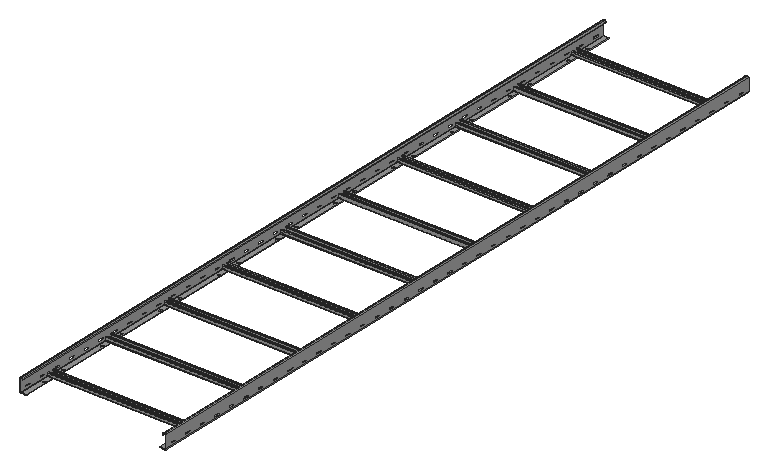
Revit family "LG 60 VS3", category Generic Models, Revit 2017 (continued)
Dimensions and locks
  locked: Extrusion 58 sketch curve to Extrusion 58 sketch curve at 9
  locked: Extrusion 59 sketch curve to Extrusion 59 sketch curve at 28
  locked: Extrusion 59 sketch curve to Extrusion 59 sketch curve at 9
  locked: Extrusion 60 sketch curve to Extrusion 60 sketch curve at 28
  locked: Extrusion 60 sketch curve to Extrusion 60 sketch curve at 9
  locked: Extrusion 61 sketch curve to Extrusion 61 sketch curve at 28
  locked: Extrusion 61 sketch curve to Extrusion 61 sketch curve at 9
  locked: Extrusion 62 sketch curve to Extrusion 62 sketch curve at 28
  locked: Extrusion 62 sketch curve to Extrusion 62 sketch curve at 9
  locked: Extrusion 63 sketch curve to Extrusion 63 sketch curve at 28
  locked: Extrusion 63 sketch curve to Extrusion 63 sketch curve at 9
  locked: Extrusion 64 sketch curve to Extrusion 64 sketch curve at 28
  locked: Extrusion 64 sketch curve to Extrusion 64 sketch curve at 9
  locked: Extrusion 65 sketch curve to Extrusion 65 sketch curve at 28
  locked: Extrusion 65 sketch curve to Extrusion 65 sketch curve at 9
  locked: Extrusion 66 sketch curve to Extrusion 66 sketch curve at 28
  locked: Extrusion 66 sketch curve to Extrusion 66 sketch curve at 9
  locked: Extrusion 67 sketch curve to Extrusion 67 sketch curve at 28
  locked: Extrusion 67 sketch curve to Extrusion 67 sketch curve at 9
  locked: Extrusion 68 sketch curve to Extrusion 68 sketch curve at 28
  locked: Extrusion 68 sketch curve to Extrusion 68 sketch curve at 9
  locked: Extrusion 69 sketch curve to Extrusion 69 sketch curve at 28
  locked: Extrusion 69 sketch curve to Extrusion 69 sketch curve at 9
  locked: Extrusion 70 sketch curve to Extrusion 70 sketch curve at 28
  locked: Extrusion 70 sketch curve to Extrusion 70 sketch curve at 9
  locked: Extrusion 71 sketch curve to Extrusion 71 sketch curve at 28
  locked: Extrusion 71 sketch curve to Extrusion 71 sketch curve at 9
  locked: Extrusion 72 sketch curve to Extrusion 72 sketch curve at 28
  locked: Extrusion 72 sketch curve to Extrusion 72 sketch curve at 9
  locked: Extrusion 73 sketch curve to Extrusion 73 sketch curve at 28
  locked: Extrusion 73 sketch curve to Extrusion 73 sketch curve at 9
  locked: Extrusion 74 sketch curve to Extrusion 74 sketch curve at 28
  locked: Extrusion 74 sketch curve to Extrusion 74 sketch curve at 9
  locked: Extrusion 75 sketch curve to Extrusion 75 sketch curve at 28
  locked: Extrusion 75 sketch curve to Extrusion 75 sketch curve at 9
  locked: Extrusion 76 sketch curve to Extrusion 76 sketch curve at 28
  locked: Extrusion 76 sketch curve to Extrusion 76 sketch curve at 9
  locked: Extrusion 77 sketch curve to Extrusion 77 sketch curve at 28
  locked: Extrusion 77 sketch curve to Extrusion 77 sketch curve at 9
  locked: Extrusion 78 sketch curve to Extrusion 78 sketch curve at 28
  locked: Extrusion 78 sketch curve to Extrusion 78 sketch curve at 9
  locked: Extrusion 79 sketch curve to Extrusion 79 sketch curve at 28
  locked: Extrusion 79 sketch curve to Extrusion 79 sketch curve at 9
  locked: Extrusion 80 sketch curve to Extrusion 80 sketch curve at 28
  locked: Extrusion 80 sketch curve to Extrusion 80 sketch curve at 9
  locked: Extrusion 81 sketch curve to Extrusion 81 sketch curve at 28
  locked: Extrusion 81 sketch curve to Extrusion 81 sketch curve at 9
  locked: cut or joined group 1 (Extrusion 1, Extrusion 2, Extrusion 3, Extrusion 4, Extrusion 5, Extrusion 6, Extrusion 7, Extrusion 8, Extrusion 9, Extrusion 10, Extrusion 11, Extrusion 12, Extrusion 13, Extrusion 14, Extrusion 15, Extrusion 16, Extrusion 17, Extrusion 18, Extrusion 19, Extrusion 20, Extrusion 21, Extrusion 22, Extrusion 23, Extrusion 24, Extrusion 25, Extrusion 26, Extrusion 27, Extrusion 28, Extrusion 29, Extrusion 30, Extrusion 31, Extrusion 32, Extrusion 33, Extrusion 34, Extrusion 35, Extrusion 36, Extrusion 37, Extrusion 38, Extrusion 39, Extrusion 40, Extrusion 41, Extrusion 42, Extrusion 43, Extrusion 44, Extrusion 45, Extrusion 46, Extrusion 47, Extrusion 48, Extrusion 49, Extrusion 50, Extrusion 51, Extrusion 52, Extrusion 53, Extrusion 54, Extrusion 55, Extrusion 56, Extrusion 57, Extrusion 58, Extrusion 59, Extrusion 60, Extrusion 61, Extrusion 62, Extrusion 63, Extrusion 64, Extrusion 65, Extrusion 66, Extrusion 67, Extrusion 68, Extrusion 69, Extrusion 70, Extrusion 71, Extrusion 72, Extrusion 73, Extrusion 74, Extrusion 75, Extrusion 76, Extrusion 77, Extrusion 78, Extrusion 79, Extrusion 80, Extrusion 81, Extrusion 83, Extrusion 84, Extrusion 85, Extrusion 86, Extrusion 87, Extrusion 88, Extrusion 89, Extrusion 90, Extrusion 91, Extrusion 92, Extrusion 93, Extrusion 94, Extrusion 95, Extrusion 96, Extrusion 97, Extrusion 98, Extrusion 99, Extrusion 100, Extrusion 101, Extrusion 102) to cut or joined group 1 at 1.5
  locked: plane 13 to plane 12 at 25.044
  locked: Extrusion 82 sketch curve to Extrusion 82 sketch curve at 30
  locked: plane 11 to Extrusion 82 sketch curve at 15
  locked: Extrusion 82 to Extrusion 82 at 1.5  (x8)
  locked: Extrusion 82 to Extrusion 82 at 17
  locked: cut or joined group 1 to Extrusion 82 at 14.96
  locked: Extrusion 82 to plane 24 at 8.5
  locked: plane 24 to plane 14 at 50
  locked: plane 23 to plane 24 at 50
  locked: cut or joined group 1 to plane 15 at 18
  equal spacing: group 81, group 82, group 83, group 84, group 85, group 86, group 87, group 88, group 89, group 90  (x3)
  locked: plane 27 to cut or joined group 1 at 18
  equal spacing: group 91, group 92, group 93, group 94, group 95, group 96, group 97, group 98, group 99, group 100  (x3)
  locked: Extrusion 103 sketch curve to Extrusion 103 sketch curve at 7
  locked: plane 31 to Extrusion 103 sketch curve at 3.5
  locked: Extrusion 103 sketch curve to plane 32 at 6.5
  locked: plane 32 to plane 33 at 50
  Extrusion 103 sketch curve to plane 33 = 6.5 mm
  locked: plane 33 to plane 36 at 50
  locked: plane 36 to plane 37 at 50
  Extrusion 103 sketch curve to plane 37 = 6.5 mm
  locked: plane 37 to plane 38 at 50
  Extrusion 103 sketch curve to plane 38 = 6.5 mm
  plane 39 to Extrusion 103 sketch curve = 6.5 mm
  locked: plane 40 to plane 39 at 50
  plane 40 to Extrusion 103 sketch curve = 6.5 mm
  locked: plane 41 to plane 40 at 50
  Extrusion 103 sketch curve to plane 41 = 6.5 mm
  locked: plane 42 to plane 41 at 50
  Extrusion 103 sketch curve to plane 42 = 6.5 mm
  locked: plane 45 to plane 42 at 50
  locked: Extrusion 104 sketch curve to Extrusion 104 sketch curve at 30
  locked: plane 46 to Extrusion 104 sketch curve at 15
  locked: Extrusion 105 sketch curve to Extrusion 105 sketch curve at 30
  locked: plane 48 to Extrusion 105 sketch curve at 15
  locked: Extrusion 105 to Extrusion 105 at 1.5  (x8)
  locked: Extrusion 105 to Extrusion 105 at 17
  locked: Extrusion 106 sketch curve to Extrusion 106 sketch curve at 7
  locked: plane 50 to Extrusion 106 sketch curve at 3.5
  locked: Extrusion 106 sketch curve to plane 51 at 6.5
  locked: plane 51 to plane 52 at 50
  Extrusion 106 sketch curve to plane 52 = 6.5 mm
  locked: plane 52 to plane 55 at 50
  locked: plane 55 to plane 56 at 50
  Extrusion 106 sketch curve to plane 56 = 6.5 mm
  locked: plane 56 to plane 57 at 50
  Extrusion 106 sketch curve to plane 57 = 6.5 mm
  plane 58 to Extrusion 106 sketch curve = 6.5 mm
  locked: plane 59 to plane 58 at 50
  plane 59 to Extrusion 106 sketch curve = 6.5 mm
  locked: plane 60 to plane 59 at 50
  Extrusion 106 sketch curve to plane 60 = 6.5 mm
  locked: plane 61 to plane 60 at 50
  Extrusion 106 sketch curve to plane 61 = 6.5 mm
  locked: plane 64 to plane 61 at 50
  equal spacing: group 103, group 105, group 107, group 109, group 111, group 113, group 115, group 117, group 119, group 121  (x3)
  locked: Extrusion 107 sketch curve to Extrusion 107 sketch curve at 30
  locked: plane 65 to Extrusion 107 sketch curve at 15
  locked: Extrusion 107 to Extrusion 107 at 1.5  (x8)
  locked: Extrusion 107 to Extrusion 107 at 17
  locked: Extrusion 108 sketch curve to Extrusion 108 sketch curve at 7
  locked: plane 67 to Extrusion 108 sketch curve at 3.5
  locked: Extrusion 108 sketch curve to plane 68 at 6.5
  locked: plane 68 to plane 69 at 50
  Extrusion 108 sketch curve to plane 69 = 6.5 mm
  locked: plane 69 to plane 72 at 50
  locked: plane 72 to plane 73 at 50
  Extrusion 108 sketch curve to plane 73 = 6.5 mm
  locked: plane 73 to plane 74 at 50
  Extrusion 108 sketch curve to plane 74 = 6.5 mm
  plane 75 to Extrusion 108 sketch curve = 6.5 mm
  locked: plane 76 to plane 75 at 50
  plane 76 to Extrusion 108 sketch curve = 6.5 mm
  locked: plane 77 to plane 76 at 50
  Extrusion 108 sketch curve to plane 77 = 6.5 mm
  locked: plane 78 to plane 77 at 50
  Extrusion 108 sketch curve to plane 78 = 6.5 mm
  locked: plane 81 to plane 78 at 50
  locked: Extrusion 109 sketch curve to Extrusion 109 sketch curve at 30
  locked: plane 82 to Extrusion 109 sketch curve at 15
  locked: Extrusion 109 to Extrusion 109 at 1.5  (x8)
  locked: Extrusion 109 to Extrusion 109 at 17
  locked: Extrusion 110 sketch curve to Extrusion 110 sketch curve at 7
  locked: plane 84 to Extrusion 110 sketch curve at 3.5
  locked: Extrusion 110 sketch curve to plane 85 at 6.5
  locked: plane 85 to plane 86 at 50
  Extrusion 110 sketch curve to plane 86 = 6.5 mm
  locked: plane 86 to plane 89 at 50
  locked: plane 89 to plane 90 at 50
  Extrusion 110 sketch curve to plane 90 = 6.5 mm
  locked: plane 90 to plane 91 at 50
  Extrusion 110 sketch curve to plane 91 = 6.5 mm
  plane 92 to Extrusion 110 sketch curve = 6.5 mm
  locked: plane 93 to plane 92 at 50
  plane 93 to Extrusion 110 sketch curve = 6.5 mm
  locked: plane 94 to plane 93 at 50
  Extrusion 110 sketch curve to plane 94 = 6.5 mm
  locked: plane 95 to plane 94 at 50
  Extrusion 110 sketch curve to plane 95 = 6.5 mm
  locked: plane 98 to plane 95 at 50
  locked: Extrusion 111 sketch curve to Extrusion 111 sketch curve at 30
  locked: plane 99 to Extrusion 111 sketch curve at 15
  locked: Extrusion 111 to Extrusion 111 at 1.5  (x8)
  locked: Extrusion 111 to Extrusion 111 at 17
  locked: Extrusion 112 sketch curve to Extrusion 112 sketch curve at 7
  locked: plane 101 to Extrusion 112 sketch curve at 3.5
  locked: Extrusion 112 sketch curve to plane 102 at 6.5
  locked: plane 102 to plane 103 at 50
  Extrusion 112 sketch curve to plane 103 = 6.5 mm
  locked: plane 103 to plane 106 at 50
  locked: plane 106 to plane 107 at 50
  Extrusion 112 sketch curve to plane 107 = 6.5 mm
  locked: plane 107 to plane 108 at 50
  Extrusion 112 sketch curve to plane 108 = 6.5 mm
  plane 109 to Extrusion 112 sketch curve = 6.5 mm
  locked: plane 110 to plane 109 at 50
  plane 110 to Extrusion 112 sketch curve = 6.5 mm
  locked: plane 111 to plane 110 at 50
  Extrusion 112 sketch curve to plane 111 = 6.5 mm
  locked: plane 112 to plane 111 at 50
  Extrusion 112 sketch curve to plane 112 = 6.5 mm
  locked: plane 115 to plane 112 at 50
  locked: Extrusion 113 sketch curve to Extrusion 113 sketch curve at 30
  locked: plane 116 to Extrusion 113 sketch curve at 15
  locked: Extrusion 113 to Extrusion 113 at 1.5  (x8)
  locked: Extrusion 113 to Extrusion 113 at 17
  locked: Extrusion 114 sketch curve to Extrusion 114 sketch curve at 7
  locked: plane 118 to Extrusion 114 sketch curve at 3.5
  locked: Extrusion 114 sketch curve to plane 119 at 6.5
  locked: plane 119 to plane 120 at 50
  Extrusion 114 sketch curve to plane 120 = 6.5 mm
  locked: plane 120 to plane 123 at 50
  locked: plane 123 to plane 124 at 50
  Extrusion 114 sketch curve to plane 124 = 6.5 mm
  locked: plane 124 to plane 125 at 50
  Extrusion 114 sketch curve to plane 125 = 6.5 mm
  plane 126 to Extrusion 114 sketch curve = 6.5 mm
  locked: plane 127 to plane 126 at 50
  plane 127 to Extrusion 114 sketch curve = 6.5 mm
  locked: plane 128 to plane 127 at 50
  Extrusion 114 sketch curve to plane 128 = 6.5 mm
  locked: plane 129 to plane 128 at 50
  Extrusion 114 sketch curve to plane 129 = 6.5 mm
  locked: plane 132 to plane 129 at 50
  locked: Extrusion 115 sketch curve to Extrusion 115 sketch curve at 30
  locked: plane 133 to Extrusion 115 sketch curve at 15
  locked: Extrusion 115 to Extrusion 115 at 1.5  (x8)
  locked: Extrusion 115 to Extrusion 115 at 17
  locked: Extrusion 116 sketch curve to Extrusion 116 sketch curve at 7
  locked: plane 135 to Extrusion 116 sketch curve at 3.5
  locked: Extrusion 116 sketch curve to plane 136 at 6.5
  locked: plane 136 to plane 137 at 50
  Extrusion 116 sketch curve to plane 137 = 6.5 mm
  locked: plane 137 to plane 140 at 50
  locked: plane 140 to plane 141 at 50
  Extrusion 116 sketch curve to plane 141 = 6.5 mm
  locked: plane 141 to plane 142 at 50
  Extrusion 116 sketch curve to plane 142 = 6.5 mm
  plane 143 to Extrusion 116 sketch curve = 6.5 mm
  locked: plane 144 to plane 143 at 50
  plane 144 to Extrusion 116 sketch curve = 6.5 mm
  locked: plane 145 to plane 144 at 50
  Extrusion 116 sketch curve to plane 145 = 6.5 mm
  locked: plane 146 to plane 145 at 50
  Extrusion 116 sketch curve to plane 146 = 6.5 mm
  locked: plane 149 to plane 146 at 50
  locked: Extrusion 117 sketch curve to Extrusion 117 sketch curve at 30
  locked: plane 150 to Extrusion 117 sketch curve at 15
  locked: Extrusion 117 to Extrusion 117 at 1.5  (x8)
  locked: Extrusion 117 to Extrusion 117 at 17
  locked: Extrusion 118 sketch curve to Extrusion 118 sketch curve at 7
  locked: plane 152 to Extrusion 118 sketch curve at 3.5
  locked: Extrusion 118 sketch curve to plane 153 at 6.5
  locked: plane 153 to plane 154 at 50
  Extrusion 118 sketch curve to plane 154 = 6.5 mm
  locked: plane 154 to plane 157 at 50
  locked: plane 157 to plane 158 at 50
  Extrusion 118 sketch curve to plane 158 = 6.5 mm
  locked: plane 158 to plane 159 at 50
  Extrusion 118 sketch curve to plane 159 = 6.5 mm
  plane 160 to Extrusion 118 sketch curve = 6.5 mm
  locked: plane 161 to plane 160 at 50
  plane 161 to Extrusion 118 sketch curve = 6.5 mm
  locked: plane 162 to plane 161 at 50
  Extrusion 118 sketch curve to plane 162 = 6.5 mm
  locked: plane 163 to plane 162 at 50
  Extrusion 118 sketch curve to plane 163 = 6.5 mm
  locked: plane 166 to plane 163 at 50
  locked: Extrusion 119 sketch curve to Extrusion 119 sketch curve at 30
  locked: plane 167 to Extrusion 119 sketch curve at 15
  locked: Extrusion 119 to Extrusion 119 at 1.5  (x8)
  locked: Extrusion 119 to Extrusion 119 at 17
  locked: Extrusion 120 sketch curve to Extrusion 120 sketch curve at 7
  locked: plane 169 to Extrusion 120 sketch curve at 3.5
  locked: Extrusion 120 sketch curve to plane 170 at 6.5
  locked: plane 170 to plane 171 at 50
  Extrusion 120 sketch curve to plane 171 = 6.5 mm
  locked: plane 171 to plane 174 at 50
  locked: plane 174 to plane 175 at 50
  Extrusion 120 sketch curve to plane 175 = 6.5 mm
  locked: plane 175 to plane 176 at 50
  Extrusion 120 sketch curve to plane 176 = 6.5 mm
  plane 177 to Extrusion 120 sketch curve = 6.5 mm
  locked: plane 178 to plane 177 at 50
  plane 178 to Extrusion 120 sketch curve = 6.5 mm
  locked: plane 179 to plane 178 at 50
  Extrusion 120 sketch curve to plane 179 = 6.5 mm
  locked: plane 180 to plane 179 at 50
  Extrusion 120 sketch curve to plane 180 = 6.5 mm
  locked: plane 183 to plane 180 at 50
  locked: Extrusion 121 sketch curve to Extrusion 121 sketch curve at 30
  locked: plane 184 to Extrusion 121 sketch curve at 15
  locked: Extrusion 121 to Extrusion 121 at 1.5  (x8)
  locked: Extrusion 121 to Extrusion 121 at 17
  locked: Extrusion 122 sketch curve to Extrusion 122 sketch curve at 7
  locked: plane 186 to Extrusion 122 sketch curve at 3.5
  locked: Extrusion 122 sketch curve to plane 187 at 6.5
  locked: plane 187 to plane 188 at 50
  Extrusion 122 sketch curve to plane 188 = 6.5 mm
  locked: plane 188 to plane 191 at 50
  locked: plane 191 to plane 192 at 50
  Extrusion 122 sketch curve to plane 192 = 6.5 mm
  locked: plane 192 to plane 193 at 50
  Extrusion 122 sketch curve to plane 193 = 6.5 mm
  plane 194 to Extrusion 122 sketch curve = 6.5 mm
  locked: plane 195 to plane 194 at 50
  plane 195 to Extrusion 122 sketch curve = 6.5 mm
  locked: plane 196 to plane 195 at 50
  Extrusion 122 sketch curve to plane 196 = 6.5 mm
  locked: plane 197 to plane 196 at 50
  Extrusion 122 sketch curve to plane 197 = 6.5 mm
  locked: plane 200 to plane 197 at 50
  aligned and locked: level to plane 2
  aligned and locked: Extrusion 1 sketch curve to level
  aligned and locked: level to Extrusion 1 sketch curve
  aligned and locked: Extrusion 1 sketch curve to plane 5
  aligned and locked: Extrusion 1 sketch curve to plane 6
  aligned and locked: plane 1 "Center (Front/Back)" to Extrusion 1
  aligned and locked: cut or joined group 1 to cut or joined group 1  (x67)
  aligned and locked: Extrusion 82 to cut or joined group 1
  aligned and locked: cut or joined group 1 to plane 12
  aligned and locked: Extrusion 82 to plane 12
  aligned and locked: plane 18 to Extrusion 82
  aligned and locked: plane 19 to Extrusion 82
  aligned and locked: plane 20 to Extrusion 82
  aligned and locked: plane 25 to cut or joined group 1
  aligned and locked: plane 26 to plane 15
  aligned and locked: Extrusion 83 to level
  aligned and locked: plane 28 to plane 14
  aligned and locked: plane 29 to plane 23
  aligned and locked: plane 30 to plane 24
  aligned and locked: Extrusion 1 to Extrusion 93
  aligned and locked: plane 31 to plane 24
  aligned and locked: Extrusion 103 sketch curve to Extrusion 103 sketch curve  (x19)
  aligned and locked: cut or joined group of Extrusion 82, Extrusion 103, Extrusion 106 to cut or joined group of Extrusion 82, Extrusion 103, Extrusion 106  (x6)
  aligned and locked: Extrusion 103 to level
  aligned and locked: Extrusion 106 sketch curve to Extrusion 106 sketch curve  (x19)
  aligned and locked: Extrusion 108 sketch curve to Extrusion 108 sketch curve  (x19)
  aligned and locked: Extrusion 110 sketch curve to Extrusion 110 sketch curve  (x19)
  aligned and locked: Extrusion 112 sketch curve to Extrusion 112 sketch curve  (x19)
  aligned and locked: Extrusion 114 sketch curve to Extrusion 114 sketch curve  (x19)
  aligned and locked: Extrusion 116 sketch curve to Extrusion 116 sketch curve  (x19)
  aligned and locked: Extrusion 118 sketch curve to Extrusion 118 sketch curve  (x19)
  aligned and locked: Extrusion 120 sketch curve to Extrusion 120 sketch curve  (x19)
  aligned and locked: Extrusion 122 sketch curve to Extrusion 122 sketch curve  (x19)
Automatic sketch dimensions
  Extrusion 1 sketch curve to Extrusion 1 sketch curve = 0 mm  (x9)
  Extrusion 1 sketch curve to Extrusion 1 sketch curve = 1.5 mm  (x2)
  Extrusion 1 sketch curve to Extrusion 1 sketch curve = 1 mm  (x2)
  plane 5 to Extrusion 1 sketch curve = 2.952 mm
  Extrusion 1 sketch curve to Extrusion 1 sketch curve = 4.5 mm
  plane 5 to Extrusion 1 sketch curve = 3.052 mm
  Extrusion 2 sketch curve to Extrusion 2 sketch curve = 1 mm  (x4)
  Extrusion 3 sketch curve to Extrusion 3 sketch curve = 1 mm  (x4)
  Extrusion 4 sketch curve to Extrusion 4 sketch curve = 1 mm  (x4)
  Extrusion 5 sketch curve to Extrusion 5 sketch curve = 1 mm  (x4)
  Extrusion 6 sketch curve to Extrusion 6 sketch curve = 1 mm  (x4)
  Extrusion 7 sketch curve to Extrusion 7 sketch curve = 1 mm  (x4)
  Extrusion 8 sketch curve to Extrusion 8 sketch curve = 1 mm  (x4)
  Extrusion 9 sketch curve to Extrusion 9 sketch curve = 1 mm  (x4)
  Extrusion 10 sketch curve to Extrusion 10 sketch curve = 1 mm  (x4)
  Extrusion 11 sketch curve to Extrusion 11 sketch curve = 1 mm  (x4)
  Extrusion 12 sketch curve to Extrusion 12 sketch curve = 1 mm  (x4)
  Extrusion 13 sketch curve to Extrusion 13 sketch curve = 1 mm  (x4)
  Extrusion 14 sketch curve to Extrusion 14 sketch curve = 1 mm  (x4)
  Extrusion 15 sketch curve to Extrusion 15 sketch curve = 1 mm  (x4)
  Extrusion 16 sketch curve to Extrusion 16 sketch curve = 1 mm  (x4)
  Extrusion 17 sketch curve to Extrusion 17 sketch curve = 1 mm  (x4)
  Extrusion 18 sketch curve to Extrusion 18 sketch curve = 1 mm  (x4)
  Extrusion 19 sketch curve to Extrusion 19 sketch curve = 1 mm  (x4)
  Extrusion 20 sketch curve to Extrusion 20 sketch curve = 1 mm  (x4)
  Extrusion 21 sketch curve to Extrusion 21 sketch curve = 1 mm  (x4)
  Extrusion 22 sketch curve to Extrusion 22 sketch curve = 1 mm  (x4)
  Extrusion 23 sketch curve to Extrusion 23 sketch curve = 1 mm  (x4)
  Extrusion 24 sketch curve to Extrusion 24 sketch curve = 1 mm  (x4)
  Extrusion 25 sketch curve to Extrusion 25 sketch curve = 1 mm  (x4)
  Extrusion 26 sketch curve to Extrusion 26 sketch curve = 1 mm  (x4)
  Extrusion 27 sketch curve to Extrusion 27 sketch curve = 1 mm  (x4)
  Extrusion 28 sketch curve to Extrusion 28 sketch curve = 1 mm  (x4)
  Extrusion 29 sketch curve to Extrusion 29 sketch curve = 1 mm  (x4)
  Extrusion 30 sketch curve to Extrusion 30 sketch curve = 1 mm  (x4)
  Extrusion 31 sketch curve to Extrusion 31 sketch curve = 1 mm  (x4)
  Extrusion 32 sketch curve to Extrusion 32 sketch curve = 1 mm  (x4)
  Extrusion 33 sketch curve to Extrusion 33 sketch curve = 1 mm  (x4)
  Extrusion 34 sketch curve to Extrusion 34 sketch curve = 1 mm  (x4)
  Extrusion 35 sketch curve to Extrusion 35 sketch curve = 1 mm  (x4)
  Extrusion 36 sketch curve to Extrusion 36 sketch curve = 1 mm  (x4)
  Extrusion 37 sketch curve to Extrusion 37 sketch curve = 1 mm  (x4)
  Extrusion 38 sketch curve to Extrusion 38 sketch curve = 1 mm  (x4)
  Extrusion 39 sketch curve to Extrusion 39 sketch curve = 1 mm  (x4)
  Extrusion 40 sketch curve to Extrusion 40 sketch curve = 1 mm  (x4)
  Extrusion 41 sketch curve to Extrusion 41 sketch curve = 1 mm  (x4)
  Extrusion 42 sketch curve to Extrusion 42 sketch curve = 1 mm  (x4)
  Extrusion 43 sketch curve to Extrusion 43 sketch curve = 1 mm  (x4)
  Extrusion 44 sketch curve to Extrusion 44 sketch curve = 1 mm  (x4)
  Extrusion 45 sketch curve to Extrusion 45 sketch curve = 1 mm  (x4)
  Extrusion 46 sketch curve to Extrusion 46 sketch curve = 1 mm  (x4)
  Extrusion 47 sketch curve to Extrusion 47 sketch curve = 1 mm  (x4)
  Extrusion 48 sketch curve to Extrusion 48 sketch curve = 1 mm  (x4)
  Extrusion 49 sketch curve to Extrusion 49 sketch curve = 1 mm  (x4)
  Extrusion 50 sketch curve to Extrusion 50 sketch curve = 1 mm  (x4)
  Extrusion 51 sketch curve to Extrusion 51 sketch curve = 1 mm  (x4)
  Extrusion 52 sketch curve to Extrusion 52 sketch curve = 1 mm  (x4)
  Extrusion 53 sketch curve to Extrusion 53 sketch curve = 1 mm  (x4)
  Extrusion 54 sketch curve to Extrusion 54 sketch curve = 1 mm  (x4)
  Extrusion 55 sketch curve to Extrusion 55 sketch curve = 1 mm  (x4)
  Extrusion 56 sketch curve to Extrusion 56 sketch curve = 1 mm  (x4)
  Extrusion 57 sketch curve to Extrusion 57 sketch curve = 1 mm  (x4)
  Extrusion 58 sketch curve to Extrusion 58 sketch curve = 1 mm  (x4)
  Extrusion 59 sketch curve to Extrusion 59 sketch curve = 1 mm  (x4)
  Extrusion 60 sketch curve to Extrusion 60 sketch curve = 1 mm  (x4)
  Extrusion 61 sketch curve to Extrusion 61 sketch curve = 1 mm  (x4)
  Extrusion 62 sketch curve to Extrusion 62 sketch curve = 1 mm  (x4)
  Extrusion 63 sketch curve to Extrusion 63 sketch curve = 1 mm  (x4)
  Extrusion 64 sketch curve to Extrusion 64 sketch curve = 1 mm  (x4)
  Extrusion 65 sketch curve to Extrusion 65 sketch curve = 1 mm  (x4)
  Extrusion 66 sketch curve to Extrusion 66 sketch curve = 1 mm  (x4)
  Extrusion 67 sketch curve to Extrusion 67 sketch curve = 1 mm  (x4)
  Extrusion 68 sketch curve to Extrusion 68 sketch curve = 1 mm  (x4)
  Extrusion 69 sketch curve to Extrusion 69 sketch curve = 1 mm  (x4)
  Extrusion 70 sketch curve to Extrusion 70 sketch curve = 1 mm  (x4)
  Extrusion 71 sketch curve to Extrusion 71 sketch curve = 1 mm  (x4)
  Extrusion 72 sketch curve to Extrusion 72 sketch curve = 1 mm  (x4)
  Extrusion 73 sketch curve to Extrusion 73 sketch curve = 1 mm  (x4)
  Extrusion 74 sketch curve to Extrusion 74 sketch curve = 1 mm  (x4)
  Extrusion 75 sketch curve to Extrusion 75 sketch curve = 1 mm  (x4)
  Extrusion 76 sketch curve to Extrusion 76 sketch curve = 1 mm  (x4)
  Extrusion 77 sketch curve to Extrusion 77 sketch curve = 1 mm  (x4)
  Extrusion 78 sketch curve to Extrusion 78 sketch curve = 1 mm  (x4)
  Extrusion 79 sketch curve to Extrusion 79 sketch curve = 1 mm  (x4)
  Extrusion 80 sketch curve to Extrusion 80 sketch curve = 1 mm  (x4)
  Extrusion 81 sketch curve to Extrusion 81 sketch curve = 1 mm  (x4)
  plane 16 to Extrusion 82 sketch curve = 0 mm
  plane 16 to Extrusion 82 sketch curve = 0.065 mm
  Extrusion 82 sketch curve to Extrusion 82 sketch curve = 1.5 mm  (x9)
  Extrusion 82 sketch curve to Extrusion 82 sketch curve = 3 mm  (x2)
  Extrusion 82 sketch curve to Extrusion 82 sketch curve = 0 mm
  Extrusion 82 sketch curve to Extrusion 82 sketch curve = 3.491 mm
  Extrusion 82 sketch curve to Extrusion 82 sketch curve = 3.509 mm
  Extrusion 82 sketch curve to plane 16 = 1.435 mm
  Extrusion 82 sketch curve to Extrusion 82 sketch curve = 9.065 mm
  Extrusion 83 sketch curve to Extrusion 83 sketch curve = 0 mm
  Extrusion 83 sketch curve to Extrusion 83 sketch curve = 100 mm
  Extrusion 84 sketch curve to Extrusion 84 sketch curve = 0 mm
  Extrusion 84 sketch curve to Extrusion 84 sketch curve = 100 mm
  Extrusion 85 sketch curve to Extrusion 85 sketch curve = 0 mm
  Extrusion 85 sketch curve to Extrusion 85 sketch curve = 100 mm
  Extrusion 86 sketch curve to Extrusion 86 sketch curve = 0 mm
  Extrusion 86 sketch curve to Extrusion 86 sketch curve = 100 mm
  Extrusion 87 sketch curve to Extrusion 87 sketch curve = 0 mm
  Extrusion 87 sketch curve to Extrusion 87 sketch curve = 100 mm
  Extrusion 88 sketch curve to Extrusion 88 sketch curve = 0 mm
  Extrusion 88 sketch curve to Extrusion 88 sketch curve = 100 mm
  Extrusion 89 sketch curve to Extrusion 89 sketch curve = 0 mm
  Extrusion 89 sketch curve to Extrusion 89 sketch curve = 100 mm
  Extrusion 90 sketch curve to Extrusion 90 sketch curve = 0 mm
  Extrusion 90 sketch curve to Extrusion 90 sketch curve = 100 mm
  Extrusion 91 sketch curve to Extrusion 91 sketch curve = 0 mm
  Extrusion 91 sketch curve to Extrusion 91 sketch curve = 100 mm
  Extrusion 92 sketch curve to Extrusion 92 sketch curve = 0 mm
  Extrusion 92 sketch curve to Extrusion 92 sketch curve = 100 mm
  Extrusion 93 sketch curve to Extrusion 93 sketch curve = 0 mm
  Extrusion 93 sketch curve to Extrusion 93 sketch curve = 100 mm
  Extrusion 94 sketch curve to Extrusion 94 sketch curve = 0 mm
  Extrusion 94 sketch curve to Extrusion 94 sketch curve = 100 mm
  Extrusion 95 sketch curve to Extrusion 95 sketch curve = 0 mm
  Extrusion 95 sketch curve to Extrusion 95 sketch curve = 100 mm
  Extrusion 96 sketch curve to Extrusion 96 sketch curve = 0 mm
  Extrusion 96 sketch curve to Extrusion 96 sketch curve = 100 mm
  Extrusion 97 sketch curve to Extrusion 97 sketch curve = 0 mm
  Extrusion 97 sketch curve to Extrusion 97 sketch curve = 100 mm
  Extrusion 98 sketch curve to Extrusion 98 sketch curve = 0 mm
  Extrusion 98 sketch curve to Extrusion 98 sketch curve = 100 mm
  Extrusion 99 sketch curve to Extrusion 99 sketch curve = 0 mm
  Extrusion 99 sketch curve to Extrusion 99 sketch curve = 100 mm
  Extrusion 100 sketch curve to Extrusion 100 sketch curve = 0 mm
  Extrusion 100 sketch curve to Extrusion 100 sketch curve = 100 mm
  Extrusion 101 sketch curve to Extrusion 101 sketch curve = 0 mm
  Extrusion 101 sketch curve to Extrusion 101 sketch curve = 100 mm
  Extrusion 102 sketch curve to Extrusion 102 sketch curve = 0 mm
  Extrusion 102 sketch curve to Extrusion 102 sketch curve = 100 mm
  plane 45 to Extrusion 103 sketch curve = 7.078 mm
  Extrusion 103 sketch curve to plane 45 = 5.922 mm
  plane 44 to Extrusion 103 sketch curve = 3.36 mm
  plane 41 to Extrusion 103 sketch curve = 6.5 mm
  Extrusion 103 sketch curve to plane 40 = 6.5 mm
  Extrusion 103 sketch curve to plane 39 = 6.5 mm
  plane 32 to Extrusion 103 sketch curve = 6.5 mm
  plane 35 to Extrusion 103 sketch curve = 3.36 mm
  Extrusion 103 sketch curve to plane 36 = 6.504 mm
  plane 36 to Extrusion 103 sketch curve = 6.496 mm
  plane 37 to Extrusion 103 sketch curve = 6.5 mm
  plane 38 to Extrusion 103 sketch curve = 6.5 mm
  plane 47 to Extrusion 104 sketch curve = 0 mm
  plane 47 to Extrusion 104 sketch curve = 0.065 mm
  Extrusion 104 sketch curve to Extrusion 104 sketch curve = 1.5 mm  (x9)
  Extrusion 104 sketch curve to Extrusion 104 sketch curve = 3 mm  (x2)
  Extrusion 104 sketch curve to Extrusion 104 sketch curve = 0 mm
  Extrusion 104 sketch curve to Extrusion 104 sketch curve = 3.491 mm
  Extrusion 104 sketch curve to Extrusion 104 sketch curve = 3.509 mm
  Extrusion 104 sketch curve to plane 47 = 1.435 mm
  Extrusion 104 sketch curve to Extrusion 104 sketch curve = 9.065 mm
  Extrusion 103 sketch curve to plane 31 = 0 mm
  Extrusion 103 sketch curve to Extrusion 103 sketch curve = 37 mm
  Extrusion 103 sketch curve to Extrusion 103 sketch curve = 13 mm
  plane 49 to Extrusion 105 sketch curve = 0 mm
  plane 49 to Extrusion 105 sketch curve = 0.065 mm
  Extrusion 105 sketch curve to Extrusion 105 sketch curve = 1.5 mm  (x9)
  Extrusion 105 sketch curve to Extrusion 105 sketch curve = 3 mm  (x2)
  Extrusion 105 sketch curve to Extrusion 105 sketch curve = 0 mm
  Extrusion 105 sketch curve to Extrusion 105 sketch curve = 3.491 mm
  Extrusion 105 sketch curve to Extrusion 105 sketch curve = 3.509 mm
  Extrusion 105 sketch curve to plane 49 = 1.435 mm
  Extrusion 105 sketch curve to Extrusion 105 sketch curve = 9.065 mm
  plane 64 to Extrusion 106 sketch curve = 7.078 mm
  Extrusion 106 sketch curve to plane 64 = 5.922 mm
  plane 63 to Extrusion 106 sketch curve = 3.36 mm
  plane 60 to Extrusion 106 sketch curve = 6.5 mm
  Extrusion 106 sketch curve to plane 59 = 6.5 mm
  Extrusion 106 sketch curve to plane 58 = 6.5 mm
  plane 51 to Extrusion 106 sketch curve = 6.5 mm
  plane 54 to Extrusion 106 sketch curve = 3.36 mm
  Extrusion 106 sketch curve to plane 55 = 6.504 mm
  plane 55 to Extrusion 106 sketch curve = 6.496 mm
  plane 56 to Extrusion 106 sketch curve = 6.5 mm
  plane 57 to Extrusion 106 sketch curve = 6.5 mm
  Extrusion 106 sketch curve to plane 50 = 0 mm
  Extrusion 106 sketch curve to Extrusion 106 sketch curve = 37 mm
  Extrusion 106 sketch curve to Extrusion 106 sketch curve = 13 mm
  plane 66 to Extrusion 107 sketch curve = 0 mm
  plane 66 to Extrusion 107 sketch curve = 0.065 mm
  Extrusion 107 sketch curve to Extrusion 107 sketch curve = 1.5 mm  (x9)
  Extrusion 107 sketch curve to Extrusion 107 sketch curve = 3 mm  (x2)
  Extrusion 107 sketch curve to Extrusion 107 sketch curve = 0 mm
  Extrusion 107 sketch curve to Extrusion 107 sketch curve = 3.491 mm
  Extrusion 107 sketch curve to Extrusion 107 sketch curve = 3.509 mm
  Extrusion 107 sketch curve to plane 66 = 1.435 mm
  Extrusion 107 sketch curve to Extrusion 107 sketch curve = 9.065 mm
  plane 81 to Extrusion 108 sketch curve = 7.078 mm
  Extrusion 108 sketch curve to plane 81 = 5.922 mm
  plane 80 to Extrusion 108 sketch curve = 3.36 mm
  plane 77 to Extrusion 108 sketch curve = 6.5 mm
  Extrusion 108 sketch curve to plane 76 = 6.5 mm
  Extrusion 108 sketch curve to plane 75 = 6.5 mm
  plane 68 to Extrusion 108 sketch curve = 6.5 mm
  plane 71 to Extrusion 108 sketch curve = 3.36 mm
  Extrusion 108 sketch curve to plane 72 = 6.504 mm
  plane 72 to Extrusion 108 sketch curve = 6.496 mm
  plane 73 to Extrusion 108 sketch curve = 6.5 mm
  plane 74 to Extrusion 108 sketch curve = 6.5 mm
  Extrusion 108 sketch curve to plane 67 = 0 mm
  Extrusion 108 sketch curve to Extrusion 108 sketch curve = 37 mm
  Extrusion 108 sketch curve to Extrusion 108 sketch curve = 13 mm
  plane 83 to Extrusion 109 sketch curve = 0 mm
  plane 83 to Extrusion 109 sketch curve = 0.065 mm
  Extrusion 109 sketch curve to Extrusion 109 sketch curve = 1.5 mm  (x9)
  Extrusion 109 sketch curve to Extrusion 109 sketch curve = 3 mm  (x2)
  Extrusion 109 sketch curve to Extrusion 109 sketch curve = 0 mm
  Extrusion 109 sketch curve to Extrusion 109 sketch curve = 3.491 mm
  Extrusion 109 sketch curve to Extrusion 109 sketch curve = 3.509 mm
  Extrusion 109 sketch curve to plane 83 = 1.435 mm
  Extrusion 109 sketch curve to Extrusion 109 sketch curve = 9.065 mm
  plane 98 to Extrusion 110 sketch curve = 7.078 mm
  Extrusion 110 sketch curve to plane 98 = 5.922 mm
  plane 97 to Extrusion 110 sketch curve = 3.36 mm
  plane 94 to Extrusion 110 sketch curve = 6.5 mm
  Extrusion 110 sketch curve to plane 93 = 6.5 mm
  Extrusion 110 sketch curve to plane 92 = 6.5 mm
  plane 85 to Extrusion 110 sketch curve = 6.5 mm
  plane 88 to Extrusion 110 sketch curve = 3.36 mm
  Extrusion 110 sketch curve to plane 89 = 6.504 mm
  plane 89 to Extrusion 110 sketch curve = 6.496 mm
  plane 90 to Extrusion 110 sketch curve = 6.5 mm
  plane 91 to Extrusion 110 sketch curve = 6.5 mm
  Extrusion 110 sketch curve to plane 84 = 0 mm
  Extrusion 110 sketch curve to Extrusion 110 sketch curve = 37 mm
  Extrusion 110 sketch curve to Extrusion 110 sketch curve = 13 mm
  plane 100 to Extrusion 111 sketch curve = 0 mm
  plane 100 to Extrusion 111 sketch curve = 0.065 mm
  Extrusion 111 sketch curve to Extrusion 111 sketch curve = 1.5 mm  (x9)
  Extrusion 111 sketch curve to Extrusion 111 sketch curve = 3 mm  (x2)
  Extrusion 111 sketch curve to Extrusion 111 sketch curve = 0 mm
  Extrusion 111 sketch curve to Extrusion 111 sketch curve = 3.491 mm
  Extrusion 111 sketch curve to Extrusion 111 sketch curve = 3.509 mm
  Extrusion 111 sketch curve to plane 100 = 1.435 mm
  Extrusion 111 sketch curve to Extrusion 111 sketch curve = 9.065 mm
  plane 115 to Extrusion 112 sketch curve = 7.078 mm
  Extrusion 112 sketch curve to plane 115 = 5.922 mm
  plane 114 to Extrusion 112 sketch curve = 3.36 mm
  plane 111 to Extrusion 112 sketch curve = 6.5 mm
  Extrusion 112 sketch curve to plane 110 = 6.5 mm
  Extrusion 112 sketch curve to plane 109 = 6.5 mm
  plane 102 to Extrusion 112 sketch curve = 6.5 mm
  plane 105 to Extrusion 112 sketch curve = 3.36 mm
  Extrusion 112 sketch curve to plane 106 = 6.504 mm
  plane 106 to Extrusion 112 sketch curve = 6.496 mm
  plane 107 to Extrusion 112 sketch curve = 6.5 mm
  plane 108 to Extrusion 112 sketch curve = 6.5 mm
  Extrusion 112 sketch curve to plane 101 = 0 mm
  Extrusion 112 sketch curve to Extrusion 112 sketch curve = 37 mm
  Extrusion 112 sketch curve to Extrusion 112 sketch curve = 13 mm
  plane 117 to Extrusion 113 sketch curve = 0 mm
  plane 117 to Extrusion 113 sketch curve = 0.065 mm
  Extrusion 113 sketch curve to Extrusion 113 sketch curve = 1.5 mm  (x9)
  Extrusion 113 sketch curve to Extrusion 113 sketch curve = 3 mm  (x2)
  Extrusion 113 sketch curve to Extrusion 113 sketch curve = 0 mm
  Extrusion 113 sketch curve to Extrusion 113 sketch curve = 3.491 mm
  Extrusion 113 sketch curve to Extrusion 113 sketch curve = 3.509 mm
  Extrusion 113 sketch curve to plane 117 = 1.435 mm
  Extrusion 113 sketch curve to Extrusion 113 sketch curve = 9.065 mm
  plane 132 to Extrusion 114 sketch curve = 7.078 mm
  Extrusion 114 sketch curve to plane 132 = 5.922 mm
  plane 131 to Extrusion 114 sketch curve = 3.36 mm
  plane 128 to Extrusion 114 sketch curve = 6.5 mm
  Extrusion 114 sketch curve to plane 127 = 6.5 mm
  Extrusion 114 sketch curve to plane 126 = 6.5 mm
  plane 119 to Extrusion 114 sketch curve = 6.5 mm
  plane 122 to Extrusion 114 sketch curve = 3.36 mm
  Extrusion 114 sketch curve to plane 123 = 6.504 mm
  plane 123 to Extrusion 114 sketch curve = 6.496 mm
  plane 124 to Extrusion 114 sketch curve = 6.5 mm
  plane 125 to Extrusion 114 sketch curve = 6.5 mm
  Extrusion 114 sketch curve to plane 118 = 0 mm
  Extrusion 114 sketch curve to Extrusion 114 sketch curve = 37 mm
  Extrusion 114 sketch curve to Extrusion 114 sketch curve = 13 mm
  plane 134 to Extrusion 115 sketch curve = 0 mm
  plane 134 to Extrusion 115 sketch curve = 0.065 mm
  Extrusion 115 sketch curve to Extrusion 115 sketch curve = 1.5 mm  (x9)
  Extrusion 115 sketch curve to Extrusion 115 sketch curve = 3 mm  (x2)
  Extrusion 115 sketch curve to Extrusion 115 sketch curve = 0 mm
  Extrusion 115 sketch curve to Extrusion 115 sketch curve = 3.491 mm
  Extrusion 115 sketch curve to Extrusion 115 sketch curve = 3.509 mm
  Extrusion 115 sketch curve to plane 134 = 1.435 mm
  Extrusion 115 sketch curve to Extrusion 115 sketch curve = 9.065 mm
  plane 149 to Extrusion 116 sketch curve = 7.078 mm
  Extrusion 116 sketch curve to plane 149 = 5.922 mm
  plane 148 to Extrusion 116 sketch curve = 3.36 mm
  plane 145 to Extrusion 116 sketch curve = 6.5 mm
  Extrusion 116 sketch curve to plane 144 = 6.5 mm
  Extrusion 116 sketch curve to plane 143 = 6.5 mm
  plane 136 to Extrusion 116 sketch curve = 6.5 mm
  plane 139 to Extrusion 116 sketch curve = 3.36 mm
  Extrusion 116 sketch curve to plane 140 = 6.504 mm
  plane 140 to Extrusion 116 sketch curve = 6.496 mm
  plane 141 to Extrusion 116 sketch curve = 6.5 mm
  plane 142 to Extrusion 116 sketch curve = 6.5 mm
  Extrusion 116 sketch curve to plane 135 = 0 mm
  Extrusion 116 sketch curve to Extrusion 116 sketch curve = 37 mm
  Extrusion 116 sketch curve to Extrusion 116 sketch curve = 13 mm
  plane 151 to Extrusion 117 sketch curve = 0 mm
  plane 151 to Extrusion 117 sketch curve = 0.065 mm
  Extrusion 117 sketch curve to Extrusion 117 sketch curve = 1.5 mm  (x9)
  Extrusion 117 sketch curve to Extrusion 117 sketch curve = 3 mm  (x2)
  Extrusion 117 sketch curve to Extrusion 117 sketch curve = 0 mm
  Extrusion 117 sketch curve to Extrusion 117 sketch curve = 3.491 mm
  Extrusion 117 sketch curve to Extrusion 117 sketch curve = 3.509 mm
  Extrusion 117 sketch curve to plane 151 = 1.435 mm
  Extrusion 117 sketch curve to Extrusion 117 sketch curve = 9.065 mm
  plane 166 to Extrusion 118 sketch curve = 7.078 mm
  Extrusion 118 sketch curve to plane 166 = 5.922 mm
  plane 165 to Extrusion 118 sketch curve = 3.36 mm
  plane 162 to Extrusion 118 sketch curve = 6.5 mm
  Extrusion 118 sketch curve to plane 161 = 6.5 mm
  Extrusion 118 sketch curve to plane 160 = 6.5 mm
  plane 153 to Extrusion 118 sketch curve = 6.5 mm
  plane 156 to Extrusion 118 sketch curve = 3.36 mm
  Extrusion 118 sketch curve to plane 157 = 6.504 mm
  plane 157 to Extrusion 118 sketch curve = 6.496 mm
  plane 158 to Extrusion 118 sketch curve = 6.5 mm
  plane 159 to Extrusion 118 sketch curve = 6.5 mm
  Extrusion 118 sketch curve to plane 152 = 0 mm
  Extrusion 118 sketch curve to Extrusion 118 sketch curve = 37 mm
  Extrusion 118 sketch curve to Extrusion 118 sketch curve = 13 mm
  plane 168 to Extrusion 119 sketch curve = 0 mm
  plane 168 to Extrusion 119 sketch curve = 0.065 mm
  Extrusion 119 sketch curve to Extrusion 119 sketch curve = 1.5 mm  (x9)
  Extrusion 119 sketch curve to Extrusion 119 sketch curve = 3 mm  (x2)
  Extrusion 119 sketch curve to Extrusion 119 sketch curve = 0 mm
  Extrusion 119 sketch curve to Extrusion 119 sketch curve = 3.491 mm
  Extrusion 119 sketch curve to Extrusion 119 sketch curve = 3.509 mm
  Extrusion 119 sketch curve to plane 168 = 1.435 mm
  Extrusion 119 sketch curve to Extrusion 119 sketch curve = 9.065 mm
  plane 183 to Extrusion 120 sketch curve = 7.078 mm
  Extrusion 120 sketch curve to plane 183 = 5.922 mm
  plane 182 to Extrusion 120 sketch curve = 3.36 mm
  plane 179 to Extrusion 120 sketch curve = 6.5 mm
  Extrusion 120 sketch curve to plane 178 = 6.5 mm
  Extrusion 120 sketch curve to plane 177 = 6.5 mm
  plane 170 to Extrusion 120 sketch curve = 6.5 mm
  plane 173 to Extrusion 120 sketch curve = 3.36 mm
  Extrusion 120 sketch curve to plane 174 = 6.504 mm
  plane 174 to Extrusion 120 sketch curve = 6.496 mm
  plane 175 to Extrusion 120 sketch curve = 6.5 mm
  plane 176 to Extrusion 120 sketch curve = 6.5 mm
  Extrusion 120 sketch curve to plane 169 = 0 mm
  Extrusion 120 sketch curve to Extrusion 120 sketch curve = 37 mm
  Extrusion 120 sketch curve to Extrusion 120 sketch curve = 13 mm
  plane 185 to Extrusion 121 sketch curve = 0 mm
  plane 185 to Extrusion 121 sketch curve = 0.065 mm
  Extrusion 121 sketch curve to Extrusion 121 sketch curve = 1.5 mm  (x9)
  Extrusion 121 sketch curve to Extrusion 121 sketch curve = 3 mm  (x2)
  Extrusion 121 sketch curve to Extrusion 121 sketch curve = 0 mm
  Extrusion 121 sketch curve to Extrusion 121 sketch curve = 3.491 mm
  Extrusion 121 sketch curve to Extrusion 121 sketch curve = 3.509 mm
  Extrusion 121 sketch curve to plane 185 = 1.435 mm
  Extrusion 121 sketch curve to Extrusion 121 sketch curve = 9.065 mm
  plane 200 to Extrusion 122 sketch curve = 7.078 mm
  Extrusion 122 sketch curve to plane 200 = 5.922 mm
  plane 199 to Extrusion 122 sketch curve = 3.36 mm
  plane 196 to Extrusion 122 sketch curve = 6.5 mm
  Extrusion 122 sketch curve to plane 195 = 6.5 mm
  Extrusion 122 sketch curve to plane 194 = 6.5 mm
  plane 187 to Extrusion 122 sketch curve = 6.5 mm
  plane 190 to Extrusion 122 sketch curve = 3.36 mm
  Extrusion 122 sketch curve to plane 191 = 6.504 mm
  plane 191 to Extrusion 122 sketch curve = 6.496 mm
  plane 192 to Extrusion 122 sketch curve = 6.5 mm
  plane 193 to Extrusion 122 sketch curve = 6.5 mm
  Extrusion 122 sketch curve to plane 186 = 0 mm
  Extrusion 122 sketch curve to Extrusion 122 sketch curve = 37 mm
  Extrusion 122 sketch curve to Extrusion 122 sketch curve = 13 mm
  radius of Extrusion 83 sketch curve = 4.5 mm  (x2)
  radius of Extrusion 84 sketch curve = 4.5 mm  (x2)
  radius of Extrusion 85 sketch curve = 4.5 mm  (x2)
  radius of Extrusion 86 sketch curve = 4.5 mm  (x2)
  radius of Extrusion 87 sketch curve = 4.5 mm  (x2)
  radius of Extrusion 88 sketch curve = 4.5 mm  (x2)
  radius of Extrusion 89 sketch curve = 4.5 mm  (x2)
  radius of Extrusion 90 sketch curve = 4.5 mm  (x2)
  radius of Extrusion 91 sketch curve = 4.5 mm  (x2)
  radius of Extrusion 92 sketch curve = 4.5 mm  (x2)
  radius of Extrusion 93 sketch curve = 4.5 mm  (x2)
  radius of Extrusion 94 sketch curve = 4.5 mm  (x2)
  radius of Extrusion 95 sketch curve = 4.5 mm  (x2)
  radius of Extrusion 96 sketch curve = 4.5 mm  (x2)
  radius of Extrusion 97 sketch curve = 4.5 mm  (x2)
  radius of Extrusion 98 sketch curve = 4.5 mm  (x2)
  radius of Extrusion 99 sketch curve = 4.5 mm  (x2)
  radius of Extrusion 100 sketch curve = 4.5 mm  (x2)
  radius of Extrusion 101 sketch curve = 4.5 mm  (x2)
  radius of Extrusion 102 sketch curve = 4.5 mm  (x2)
Types (3, lengths in mm): name | Material | Manufacturer Art.No. | GTIN | Article Type
  (no name) | Strip-galvanised | "6208550" | "4012195064084" | "LG 660 VS 3 FS"
  LG 660 VS 3 FS | Strip-galvanised | "6208550" | "4012195064084" | "LG 660 VS 3 FS"
  LG 660 VS 3 FT | Hot-dip galvanised | "6208578" | "4012195434221" | "LG 660 VS 3 FT"
